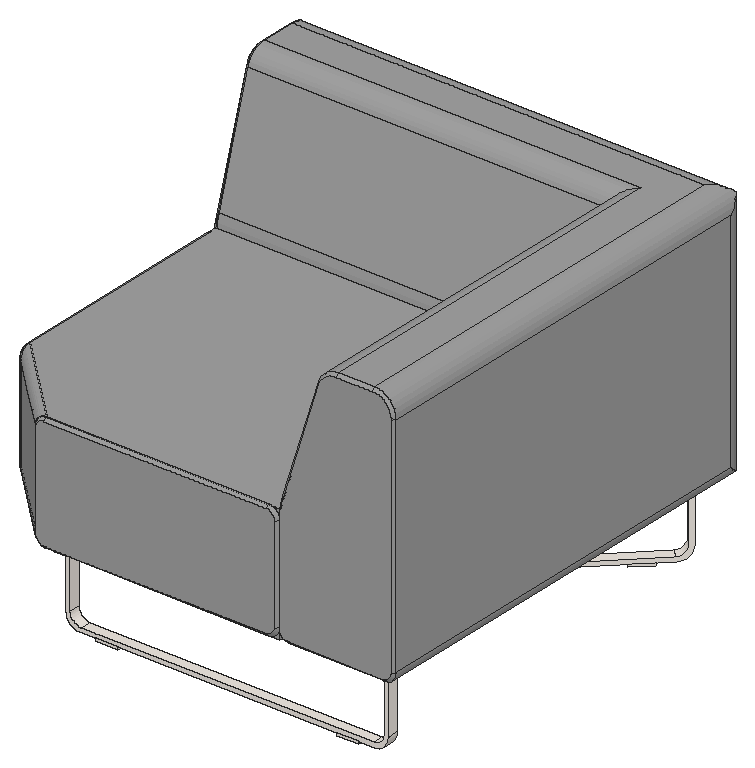
Revit family "Haworth_Riverbend_SquareCorner_AP_PRELIMINARY", category Furniture, Revit 2018 (continued)
Definition of nested family "Haworth_Riverbend_SquareCorner_Large_Seat-PART"
  Forms (mm)
    Blend 10, solid, material <- "Seat Upholstery Finish", visible <- "Mid Back"
      base sketch origin (-521.282, -572.949, 0) x (0, -1, 0) y (0, 0, 1)
        loop
          arc (-441.764, 209.55) -> (-436.184, 196.08) -> (-422.714, 190.5) r 19.05
          line (-422.714, 190.5) -> (93.67, 190.5)
          arc (93.67, 190.5) -> (107.14, 196.08) -> (112.72, 209.55) r 19.05
          line (112.72, 209.55) -> (112.72, 431.8)
          arc (112.72, 431.8) -> (107.14, 445.27) -> (93.67, 450.85) r 19.05
          line (93.67, 450.85) -> (-422.714, 450.85)
      top sketch origin (-521.282, -572.949, 0) x (0, -1, 0) y (0, 0, 1)
        loop
          arc (-422.714, 457.2) -> (-440.675, 449.761) -> (-448.114, 431.8) r 25.4
          line (-448.114, 431.8) -> (-448.114, 209.55)
          arc (-448.114, 209.55) -> (-440.675, 191.589) -> (-422.714, 184.15) r 25.4
          line (-422.714, 184.15) -> (93.67, 184.15)
          arc (93.67, 184.15) -> (111.63, 191.589) -> (119.07, 209.55) r 25.4
          line (119.07, 209.55) -> (119.07, 431.8)
          arc (119.07, 431.8) -> (111.63, 449.761) -> (93.67, 457.2) r 25.4
          line (93.67, 457.2) -> (-422.714, 457.2)
      from 0 to -6.35
    Blend 11, solid, material <- "Seat Upholstery Finish", visible <- "No Back"
      base sketch origin (-521.282, -243.905, 0) x (0, 1, 0) y (0, 0, -1)
        loop
          line (-422.714, -450.85) -> (364.686, -450.85)
          arc (364.686, -450.85) -> (378.156, -445.27) -> (383.736, -431.8) r 19.05
          line (383.736, -431.8) -> (383.736, -209.55)
          arc (383.736, -209.55) -> (378.156, -196.08) -> (364.686, -190.5) r 19.05
          line (364.686, -190.5) -> (-422.714, -190.5)
          arc (-422.714, -190.5) -> (-436.184, -196.08) -> (-441.764, -209.55) r 19.05
          line (-441.764, -209.55) -> (-441.764, -431.8)
          arc (-441.764, -431.8) -> (-436.184, -445.27) -> (-422.714, -450.85) r 19.05
      top sketch origin (-521.282, -243.905, 0) x (0, 1, 0) y (0, 0, -1)
        loop
          line (-422.714, -457.2) -> (364.686, -457.2)
          arc (364.686, -457.2) -> (382.646, -449.761) -> (390.086, -431.8) r 25.4
          line (390.086, -431.8) -> (390.086, -209.55)
          arc (390.086, -209.55) -> (382.646, -191.589) -> (364.686, -184.15) r 25.4
          line (364.686, -184.15) -> (-422.714, -184.15)
          arc (-422.714, -184.15) -> (-440.675, -191.589) -> (-448.114, -209.55) r 25.4
          line (-448.114, -209.55) -> (-448.114, -431.8)
          arc (-448.114, -431.8) -> (-440.675, -449.761) -> (-422.714, -457.2) r 25.4
      from 0 to -6.35
  Cuts and joins
    Extrusion 3, Extrusion 4, Extrusion 6, Extrusion 7, Extrusion 8 cuts Extrusion 5
    Extrusion 3 cuts Extrusion 9
  Lines and regions (mm)
    Masking region 1
      outline origin (0, 0, 457.2) x (-1, 0, 0) y (0, -1, 0)
        loop
          line (521.282, -146.181) -> (521.282, 685.669) -> (337.132, 869.819) -> (-494.718, 869.819) -> (-494.718, -146.181) -> (521.282, -146.181)
    symbolic lines, visible <- "Mid Back", detail levels medium+fine
      curve 1: line (-514.932, -124.835, 457.2) -> (223.702, -124.835, 457.2)
      curve 2: line (223.702, -124.835, 457.2) -> (223.702, -863.469, 457.2)
  Dimensions and locks
    plane 4 "Left" to plane 5 "Right" = 1427.861 mm
    locked: plane 8 "Top" to plane 9 "Top - Bottom of Chamfer Edge" at 6.35
    locked: plane 11 "Bottom - Top of Chamfer Edge" to plane 10 "Frame Bottom" at 6.35
    plane 8 "Top" to plane 10 "Frame Bottom" = 273.05 mm
    "Actual Height": plane 8 "Top" to plane 2 "Bottom"
    plane 8 "Top" to plane 2 "Bottom" = 457.2 mm
    "Width Straight Edge": plane 16 "Bench Frame - Outer Concave Tangent Edge No 1" to plane 15 "Bench Frame - Inner Concave Tangent Edge No 1"
    equal spacing: plane 16 "Bench Frame - Outer Concave Tangent Edge No 1", plane 18 "Bench Frame - Center Side No 1", plane 15 "Bench Frame - Inner Concave Tangent Edge No 1"
    plane 19 "Bench Frame - Center Side No 2" to plane 17 "Bench Frame - Outer Concave Tangent Edge No 2" = 419.1 mm
    plane 15 "Bench Frame - Inner Concave Tangent Edge No 1" to plane 20 "Bench Frame - Straight Edge No 2" = 177.8 mm
    plane 21 "Bench Frame - Straight Edge No 1" to plane 29 "Left - Top of Chamfer Edge" = 6.35 mm
    plane 30 "Right - Top of Chamfer Edge" to plane 20 "Bench Frame - Straight Edge No 2" = 6.35 mm
    plane 23 "Center Leg - Back of Leg Bracket" to plane 27 "Center Leg - Front of Leg Bracket" = 342.9 mm
    plane 67 to plane 68 = 76.2 mm
    equal spacing: plane 7 "Chair Front", plane 1 "Center F/B", plane 67
    plane 72 to plane 73 = 38.097 mm
    plane 21 "Bench Frame - Straight Edge No 1" to plane 17 "Bench Frame - Outer Concave Tangent Edge No 2" = 1016 mm
    plane 16 "Bench Frame - Outer Concave Tangent Edge No 1" to plane 20 "Bench Frame - Straight Edge No 2" = 1016 mm
    equal spacing: plane 10 "Frame Bottom", plane 74, plane 69
    "Depth": plane 70 to plane 17 "Bench Frame - Outer Concave Tangent Edge No 2"
    aligned and locked: Blend 1 to plane 20 "Bench Frame - Straight Edge No 2"
    aligned and locked: plane 30 "Right - Top of Chamfer Edge" to Blend 1
    aligned and locked: Extrusion 5 sketch curve to plane 29 "Left - Top of Chamfer Edge"
  Automatic sketch dimensions
    plane 3 "Center L/R" to curve 1 = 0 mm
    curve 2 to plane 30 "Right - Top of Chamfer Edge" = 0 mm
    curve 1 to plane 29 "Left - Top of Chamfer Edge" = 0 mm
    curve 2 to plane 65 = 51.961 mm
    Blend 1 sketch curve to plane 11 "Bottom - Top of Chamfer Edge" = 0 mm
    Blend 1 sketch curve to plane 9 "Top - Bottom of Chamfer Edge" = 0 mm
    Blend 1 sketch curve to plane 70 = 6.35 mm
    Blend 1 sketch curve to plane 26 "Right Leg - Front of Leg Bracket" = 19.447 mm  (x2)
    Blend 1 sketch curve to Blend 1 sketch curve = 19.05 mm
    plane 24 "Right Leg - Back of Leg Bracket" to Blend 1 sketch curve = 19.447 mm  (x4)
    Blend 1 sketch curve to plane 17 "Bench Frame - Outer Concave Tangent Edge No 2" = 6.35 mm
    plane 70 to Blend 1 sketch curve = 0 mm
    Blend 1 sketch curve to plane 10 "Frame Bottom" = 0 mm
    Blend 1 sketch curve to plane 8 "Top" = 0 mm
    Blend 1 sketch curve to plane 17 "Bench Frame - Outer Concave Tangent Edge No 2" = 0 mm
    Blend 1 sketch curve to plane 9 "Top - Bottom of Chamfer Edge" = 19.05 mm
    Blend 2 sketch curve to plane 9 "Top - Bottom of Chamfer Edge" = 0 mm
    Blend 2 sketch curve to plane 11 "Bottom - Top of Chamfer Edge" = 0 mm
    plane 11 "Bottom - Top of Chamfer Edge" to Blend 2 sketch curve = 19.05 mm  (x3)
    plane 53 to Blend 2 sketch curve = 111.794 mm
    Blend 2 sketch curve to plane 9 "Top - Bottom of Chamfer Edge" = 19.05 mm  (x2)
    Blend 2 sketch curve to plane 26 "Right Leg - Front of Leg Bracket" = 19.447 mm  (x2)
    Blend 2 sketch curve to plane 70 = 6.35 mm
    Blend 2 sketch curve to plane 10 "Frame Bottom" = 0 mm
    Blend 2 sketch curve to plane 8 "Top" = 0 mm
    plane 70 to Blend 2 sketch curve = 0 mm
    plane 19 "Bench Frame - Center Side No 2" to Blend 2 sketch curve = 122.684 mm  (x2)
    Extrusion 3 sketch curve to plane 7 "Chair Front" = 0 mm  (x2)
    Extrusion 3 sketch curve to plane 10 "Frame Bottom" = 0 mm
    Extrusion 3 sketch curve to plane 8 "Top" = 0 mm
    plane 7 "Chair Front" to Extrusion 3 sketch curve = 17.961 mm  (x2)
    plane 11 "Bottom - Top of Chamfer Edge" to Extrusion 3 sketch curve = 19.05 mm
    Extrusion 3 sketch curve to plane 9 "Top - Bottom of Chamfer Edge" = 19.05 mm
    Extrusion 4 sketch curve to plane 17 "Bench Frame - Outer Concave Tangent Edge No 2" = 0 mm
    Extrusion 4 sketch curve to plane 16 "Bench Frame - Outer Concave Tangent Edge No 1" = 0 mm
    plane 24 "Right Leg - Back of Leg Bracket" to Extrusion 4 sketch curve = 6.747 mm
    plane 3 "Center L/R" to Masking region 1 sketch curve = 0 mm
    Masking region 1 sketch curve to plane 16 "Bench Frame - Outer Concave Tangent Edge No 1" = 0 mm
    Masking region 1 sketch curve to plane 7 "Chair Front" = 0 mm  (x2)
    Masking region 1 sketch curve to plane 20 "Bench Frame - Straight Edge No 2" = 0 mm
    Masking region 1 sketch curve to plane 21 "Bench Frame - Straight Edge No 1" = 0 mm
    plane 3 "Center L/R" to Extrusion 5 sketch curve = 0 mm
    Extrusion 5 sketch curve to plane 16 "Bench Frame - Outer Concave Tangent Edge No 1" = 0 mm
    Extrusion 5 sketch curve to plane 7 "Chair Front" = 0 mm  (x2)
    Extrusion 5 sketch curve to plane 30 "Right - Top of Chamfer Edge" = 0 mm
    Extrusion 6 sketch curve to plane 8 "Top" = 0 mm
    Extrusion 6 sketch curve to plane 71 = 0 mm
    Extrusion 6 sketch curve to plane 16 "Bench Frame - Outer Concave Tangent Edge No 1" = 0 mm
    Extrusion 7 sketch curve to plane 8 "Top" = 0 mm
    Extrusion 7 sketch curve to plane 17 "Bench Frame - Outer Concave Tangent Edge No 2" = 0 mm
    plane 24 "Right Leg - Back of Leg Bracket" to Extrusion 7 sketch curve = 19.447 mm
    Extrusion 8 sketch curve to plane 17 "Bench Frame - Outer Concave Tangent Edge No 2" = 0 mm
    Extrusion 8 sketch curve to plane 10 "Frame Bottom" = 0 mm
    plane 24 "Right Leg - Back of Leg Bracket" to Extrusion 8 sketch curve = 19.447 mm
    plane 3 "Center L/R" to Extrusion 9 sketch curve = 0 mm
    Extrusion 9 sketch curve to plane 30 "Right - Top of Chamfer Edge" = 0 mm
    Extrusion 9 sketch curve to plane 7 "Chair Front" = 0 mm  (x2)
    Extrusion 9 sketch curve to plane 15 "Bench Frame - Inner Concave Tangent Edge No 1" = 0 mm
    plane 53 to Extrusion 9 sketch curve = 105.444 mm
    Blend 10 sketch curve to plane 9 "Top - Bottom of Chamfer Edge" = 0 mm
    Blend 10 sketch curve to plane 11 "Bottom - Top of Chamfer Edge" = 0 mm
    plane 11 "Bottom - Top of Chamfer Edge" to Blend 10 sketch curve = 19.05 mm  (x3)
    Blend 10 sketch curve to plane 65 = 58.311 mm
    Blend 10 sketch curve to Blend 10 sketch curve = 19.05 mm
    Blend 10 sketch curve to plane 25 "Left Leg - Front of Leg Bracket" = 19.45 mm  (x2)
    plane 15 "Bench Frame - Inner Concave Tangent Edge No 1" to Blend 10 sketch curve = 6.35 mm
    Blend 10 sketch curve to plane 10 "Frame Bottom" = 0 mm
    Blend 10 sketch curve to plane 8 "Top" = 0 mm
    Blend 10 sketch curve to plane 15 "Bench Frame - Inner Concave Tangent Edge No 1" = 0 mm
    Blend 10 sketch curve to plane 9 "Top - Bottom of Chamfer Edge" = 19.05 mm
    Blend 10 sketch curve to plane 65 = 77.361 mm  (x2)
    Blend 11 sketch curve to plane 11 "Bottom - Top of Chamfer Edge" = 0 mm
    Blend 11 sketch curve to plane 9 "Top - Bottom of Chamfer Edge" = 0 mm
    Blend 11 sketch curve to plane 71 = 0 mm  (x4)
    Blend 11 sketch curve to plane 25 "Left Leg - Front of Leg Bracket" = 19.45 mm  (x3)
    plane 15 "Bench Frame - Inner Concave Tangent Edge No 1" to Blend 11 sketch curve = 6.35 mm
    Blend 11 sketch curve to plane 16 "Bench Frame - Outer Concave Tangent Edge No 1" = 6.35 mm
    Blend 11 sketch curve to plane 15 "Bench Frame - Inner Concave Tangent Edge No 1" = 0 mm
    Blend 11 sketch curve to plane 10 "Frame Bottom" = 0 mm
    Blend 11 sketch curve to plane 8 "Top" = 0 mm
    Blend 11 sketch curve to plane 16 "Bench Frame - Outer Concave Tangent Edge No 1" = 0 mm
    Blend 11 sketch curve to plane 9 "Top - Bottom of Chamfer Edge" = 19.05 mm
Definition of nested family "Haworth_Riverbend_SquareCorner_Small_Seat-PART"
  Parameters (values of type "Small Seat - PART")
    Width Straight Edge = 838.2 mm  # constant formula
    Warranty = "http://www.haworth.com/resources/product-info/warranties"
    URL - Product = "http://www.haworth.com/products/seating/sofas/riverbend-pebble"
    Seat Upholstery Finish [instance] = none
    No Back = no
    Mid Back = yes
    Model = "Haworth - Riverbend"  # constant formula
    Description = "Haworth - Riverbend - Square Corner - Small Seat - PART"  # constant formula
    URL = "http://www.haworth.com"
    Size = "Verify Final Dim. w/ Haworth"  # constant formula
    Revision Number = "1"  # constant formula
    Manufacturer = "Haworth"  # constant formula
    Depth = 838.2 mm  # constant formula
    Author = "Haworth (Bentzen, Abd Rahman)"  # constant formula
    Assembly Code = "E2020200"
    Actual Width = 1422.4 mm  # constant formula
    Actual Height = 457.2 mm  # constant formula
    Actual Depth = 838.2 mm  # constant formula
  Reference planes
    plane 1 "Center F/B": through (-78.491, -215.695, 0) normal (-0.7071, -0.7071, 0)
    plane 2 "Bottom": z = 0
    plane 3 "Center L/R": through (55.102, -293.435, 0) normal (0.7071, -0.7071, 0)
    plane 4 "Left": through (-1165.05, -503.938, 1219.2) normal (-0.7071, 0.7071, 0)
    plane 5 "Right": through (1244.391, -113.797, 1219.2) normal (0.7071, -0.7071, 0)
    plane 6 "Frame Back": through (-736.346, 786.631, 1219.2) normal (0.7071, 0.7071, 0)
    plane 7 "Chair Front": through (-1384.552, 177.6, 1219.2) normal (0.7071, 0.7071, 0)
    plane 8 "Top": z = 457.2
    plane 9 "Top - Bottom of Chamfer Edge": z = 450.85
    plane 10 "Frame Bottom": z = 184.15
    plane 11 "Bottom - Top of Chamfer Edge": z = 190.5
    plane 12 "Leg Bracket - Bottom": z = 177.8
    plane 13 "Leg Bottom - Top of Bottom": z = 15.875
    plane 14 "Foot - Top of Foot": z = 6.35
    plane 15 "Bench Frame - Inner Concave Tangent Edge No 1": y = -692.019
    plane 16 "Bench Frame - Outer Concave Tangent Edge No 1": y = 146.181
    plane 17 "Bench Frame - Outer Concave Tangent Edge No 2": x = 494.718
    plane 18 "Bench Frame - Center Side No 1": y = -272.919
    plane 19 "Bench Frame - Center Side No 2": x = 75.618
    plane 20 "Bench Frame - Straight Edge No 2": y = -869.819
    plane 21 "Bench Frame - Straight Edge No 1": x = -521.282
    plane 22 "Left Leg - Back of Leg Bracket": y = 101.334
    plane 23 "Center Leg - Back of Leg Bracket": through (-1134.489, 1645.306, 1219.2) normal (0.7071, 0.7071, 0)
    plane 24 "Right Leg - Back of Leg Bracket": x = 449.871
    plane 25 "Left Leg - Front of Leg Bracket": y = -647.169
    plane 26 "Right Leg - Front of Leg Bracket": x = -298.635
    plane 27 "Center Leg - Front of Leg Bracket": through (177.923, -152.04, 1219.2) normal (0.7071, 0.7071, 0)
    plane 28: through (-1705.143, 496.713, 1219.2) normal (-0.7071, 0.7071, 0)
    plane 29 "Left - Top of Chamfer Edge": x = -514.932
    plane 30 "Right - Top of Chamfer Edge": y = -863.469
    plane 31 "Leg Left - Left of Leg Bracket": x = -481.694
    plane 32 "Right Left - Right of Leg Bracket": y = -830.231
    plane 33: through (390.172, 107.175, 1219.2) normal (0.7071, 0.7071, 0)
    plane 34: y = 41.009
    plane 35: y = 31.409
    plane 36: y = -19.391
    plane 37: y = 91.809
    plane 38: y = -526.441
    plane 39: y = -577.241
    plane 40: y = -586.841
    plane 41: y = -637.641
    plane 42: through (184.965, -145.612, 1219.2) normal (-0.7071, -0.7071, 0)
    plane 43: through (220.886, -109.691, 1219.2) normal (-0.7071, -0.7071, 0)
    plane 44: through (227.674, -102.902, 1219.2) normal (-0.7071, -0.7071, 0)
    plane 45: through (263.595, -66.981, 1219.2) normal (-0.7071, -0.7071, 0)
    plane 46: through (335.331, 4.755, 1219.2) normal (-0.7071, -0.7071, 0)
    plane 47: through (371.252, 40.676, 1219.2) normal (-0.7071, -0.7071, 0)
    plane 48: through (378.041, 47.464, 1219.2) normal (-0.7071, -0.7071, 0)
    plane 49: x = -289.104
    plane 50: x = -238.304
    plane 51: x = -228.704
    plane 52: x = -177.904
    plane 53: x = 329.146
    plane 54: x = 379.946
    plane 55: x = 389.546
    plane 56: x = 440.346
    plane 57: x = -456.294
    plane 58: y = -804.831
    plane 59: through (157.98, -172.597, 1219.2) normal (-0.7071, 0.7071, 0)
    plane 60: through (438.657, 72.16, 1219.2) normal (-0.7071, 0.7071, 0)
    plane 61: x = -421.369
    plane 62: through (0.825, -415.064, 1219.2) normal (0.7071, -0.7071, 0)
    plane 63: y = -769.906
    plane 64: y = 146.181
    plane 65: y = -72.874
    plane 66: y = 146.181
    plane 67: through (483.559, 135.021, 1219.2) normal (-0.7071, -0.7071, 0)
    plane 68: through (345.662, 165.155, 1219.2) normal (0.7071, 0.7071, 0)
    plane 69: z = 457.2
    plane 70: x = -343.482
    plane 71: y = 120.781
    plane 72: x = -2882.933
    plane 73: x = -2844.836
    plane 74: z = 320.675
  Forms (mm)
    Extrusion 1, void
      sketch origin (0, 0, 457.2) x (-1, 0, 0) y (0, -1, 0)
        loop
          line (-494.718, -108.081) -> (-494.718, -146.181) -> (-456.618, -146.181)
          arc (-456.618, -146.181) -> (-483.559, -135.021) -> (-494.718, -108.081) r 38.1
      from -304.934 to 341.183
    Extrusion 2, solid, material <- "Seat Upholstery Finish", visible <- "No Back"
      sketch origin (-50.8, 510.034, 457.2) x (-1, 0, 0) y (0, -1, 0)
        loop
          line (464.132, 1124.338) -> (214.967, 1373.503) -> (-545.518, 1373.503) -> (-545.518, 363.853) -> (464.132, 363.853) -> (464.132, 1124.338)
      from -273.05 to 0
    Extrusion 3, void
      sketch origin (-521.282, -457.2, 0) x (0, 1, 0) y (0, 0, 1)
        loop
          line (603.381, 431.8) -> (603.381, 457.2) -> (577.981, 457.2)
          arc (577.981, 457.2) -> (595.941, 449.761) -> (603.381, 431.8) r 25.4
      from 0 to 1054.663
    Extrusion 4, void
      sketch origin (-609.6, -863.469, 0) x (-1, 0, 0) y (0, 0, 1)
        loop
          line (-1078.918, 457.2) -> (-1104.318, 457.2) -> (-1104.318, 431.8)
          arc (-1104.318, 431.8) -> (-1096.878, 449.761) -> (-1078.918, 457.2) r 25.4
      from 0 to 1064.613
    Extrusion 5, void
      sketch origin (-1479.004, -863.469, 0) x (-1, 0, 0) y (0, 0, 1)
        loop
          line (-1677.306, 457.2) -> (-1702.706, 457.2) -> (-1702.706, 431.8)
          arc (-1702.706, 431.8) -> (-1695.267, 449.761) -> (-1677.306, 457.2) r 25.4
      from 0 to 738.634
    Extrusion 6, void
      sketch origin (-521.282, -1192.17, 0) x (0, 1, 0) y (0, 0, 1)
        loop
          line (1067.335, 431.8) -> (1067.335, 457.2) -> (1041.935, 457.2)
          arc (1041.935, 457.2) -> (1059.895, 449.761) -> (1067.335, 431.8) r 25.4
      from 0 to 744.984
    Extrusion 7, void
      sketch origin (-521.282, -1077.93, 0) x (0, 1, 0) y (0, 0, 1)
        loop
          line (927.695, 184.15) -> (953.095, 184.15) -> (953.095, 209.55)
          arc (953.095, 209.55) -> (945.656, 191.589) -> (927.695, 184.15) r 25.4
      from 0 to 744.984
    Extrusion 8, void
      sketch origin (-1371.6, -863.469, 0) x (-1, 0, 0) y (0, 0, 1)
        loop
          line (-1866.318, 209.55) -> (-1866.318, 184.15) -> (-1840.918, 184.15)
          arc (-1840.918, 184.15) -> (-1858.878, 191.589) -> (-1866.318, 209.55) r 25.4
      from 0 to 1009.65
    Extrusion 9, void
      sketch origin (-1148.804, -863.469, 0) x (-1, 0, 0) y (0, 0, 1)
        loop
          line (-1372.506, 209.55) -> (-1372.506, 184.15) -> (-1347.106, 184.15)
          arc (-1347.106, 184.15) -> (-1365.067, 191.589) -> (-1372.506, 209.55) r 25.4
      from 0 to 738.634
    Extrusion 10, solid, material <- "Seat Upholstery Finish", visible <- "Mid Back"
      sketch origin (0, 0, 457.2) x (-1, 0, 0) y (0, -1, 0)
        loop
          line (514.932, 124.835) -> (514.932, 614.304) -> (265.767, 863.469) -> (-223.702, 863.469) -> (-223.702, 124.835) -> (514.932, 124.835)
      from -273.05 to 0
    Extrusion 11, void
      sketch origin (212.242, -136.295, 0) x (0.707107, 0.707107, 0) y (0, 0, 1)
        loop
          spline (-853.444, 431.8) -> (-853.29, 435.115) -> (-852.832, 438.374) -> (-852.076, 441.52) -> (-851.037, 444.5) -> (-849.732, 447.263) -> (-848.183, 449.761) -> (-846.417, 451.951) -> (-844.463, 453.797) -> (-842.356, 455.267) -> (-840.132, 456.335) -> (-837.827, 456.983) -> (-835.483, 457.2)
          line (-835.483, 457.2) -> (-853.444, 457.2) -> (-853.444, 431.8)
        loop
          spline (-835.483, 184.15) -> (-837.827, 184.367) -> (-840.132, 185.015) -> (-842.356, 186.083) -> (-844.463, 187.553) -> (-846.417, 189.399) -> (-848.183, 191.589) -> (-849.732, 194.087) -> (-851.037, 196.85) -> (-852.076, 199.83) -> (-852.832, 202.976) -> (-853.29, 206.235) -> (-853.444, 209.55)
          line (-853.444, 209.55) -> (-853.444, 184.15) -> (-835.483, 184.15)
      from -196.373 to 208.243
    Blend 12, solid, material <- "Seat Upholstery Finish", visible <- "Mid Back"
      base sketch origin (-224.412, -869.819, 0) x (-1, 0, 0) y (0, 0, -1)
        loop
          line (-422.714, -450.85) -> (15.436, -450.85)
          arc (15.436, -450.85) -> (28.906, -445.27) -> (34.486, -431.8) r 19.05
          line (34.486, -431.8) -> (34.486, -209.55)
          arc (34.486, -209.55) -> (28.906, -196.08) -> (15.436, -190.5) r 19.05
          line (15.436, -190.5) -> (-422.714, -190.5)
          arc (-422.714, -190.5) -> (-436.184, -196.08) -> (-441.764, -209.55) r 19.05
          line (-441.764, -209.55) -> (-441.764, -431.8)
          arc (-441.764, -431.8) -> (-436.184, -445.27) -> (-422.714, -450.85) r 19.05
      top sketch origin (-224.412, -869.819, 0) x (-1, 0, 0) y (0, 0, -1)
        loop
          line (-422.714, -457.2) -> (16.486, -457.2)
          arc (16.486, -457.2) -> (34.446, -449.761) -> (41.886, -431.8) r 25.4
          line (41.886, -431.8) -> (41.886, -209.55)
          arc (41.886, -209.55) -> (34.446, -191.589) -> (16.486, -184.15) r 25.4
          line (16.486, -184.15) -> (-422.714, -184.15)
          arc (-422.714, -184.15) -> (-440.675, -191.589) -> (-448.114, -209.55) r 25.4
          line (-448.114, -209.55) -> (-448.114, -431.8)
          arc (-448.114, -431.8) -> (-440.675, -449.761) -> (-422.714, -457.2) r 25.4
      from 0 to -6.35
    Blend 13, solid, material <- "Seat Upholstery Finish", visible <- "Mid Back"
      base sketch origin (-521.282, -572.949, 0) x (0, -1, 0) y (0, 0, 1)
        loop
          arc (-422.714, 450.85) -> (-436.184, 445.27) -> (-441.764, 431.8) r 19.05
          line (-441.764, 431.8) -> (-441.764, 209.55)
          arc (-441.764, 209.55) -> (-436.184, 196.08) -> (-422.714, 190.5) r 19.05
          line (-422.714, 190.5) -> (15.436, 190.5)
          arc (15.436, 190.5) -> (28.906, 196.08) -> (34.486, 209.55) r 19.05
          line (34.486, 209.55) -> (34.486, 431.8)
          arc (34.486, 431.8) -> (28.906, 445.27) -> (15.436, 450.85) r 19.05
          line (15.436, 450.85) -> (-422.714, 450.85)
      top sketch origin (-521.282, -572.949, 0) x (0, -1, 0) y (0, 0, 1)
        loop
          arc (-422.714, 457.2) -> (-440.675, 449.761) -> (-448.114, 431.8) r 25.4
          line (-448.114, 431.8) -> (-448.114, 209.55)
          arc (-448.114, 209.55) -> (-440.675, 191.589) -> (-422.714, 184.15) r 25.4
          line (-422.714, 184.15) -> (16.486, 184.15)
          arc (16.486, 184.15) -> (34.446, 191.589) -> (41.886, 209.55) r 25.4
          line (41.886, 209.55) -> (41.886, 431.8)
          arc (41.886, 431.8) -> (34.446, 449.761) -> (16.486, 457.2) r 25.4
          line (16.486, 457.2) -> (-422.714, 457.2)
      from 0 to -6.35
    Blend 14, solid, material <- "Seat Upholstery Finish", visible <- "No Back"
      base sketch origin (-224.412, -869.819, 0) x (-1, 0, 0) y (0, 0, -1)
        loop
          line (-695.08, -450.85) -> (15.436, -450.85)
          arc (15.436, -450.85) -> (28.906, -445.27) -> (34.486, -431.8) r 19.05
          line (34.486, -431.8) -> (34.486, -209.55)
          arc (34.486, -209.55) -> (28.906, -196.08) -> (15.436, -190.5) r 19.05
          line (15.436, -190.5) -> (-695.08, -190.5)
          arc (-695.08, -190.5) -> (-708.55, -196.08) -> (-714.13, -209.55) r 19.05
          line (-714.13, -209.55) -> (-714.13, -431.8)
          arc (-714.13, -431.8) -> (-708.55, -445.27) -> (-695.08, -450.85) r 19.05
      top sketch origin (-224.412, -869.819, 0) x (-1, 0, 0) y (0, 0, -1)
        loop
          line (-693.73, -457.2) -> (16.486, -457.2)
          arc (16.486, -457.2) -> (34.446, -449.761) -> (41.886, -431.8) r 25.4
          line (41.886, -431.8) -> (41.886, -209.55)
          arc (41.886, -209.55) -> (34.446, -191.589) -> (16.486, -184.15) r 25.4
          line (16.486, -184.15) -> (-693.73, -184.15)
          arc (-693.73, -184.15) -> (-711.691, -191.589) -> (-719.13, -209.55) r 25.4
          line (-719.13, -209.55) -> (-719.13, -431.8)
          arc (-719.13, -431.8) -> (-711.691, -449.761) -> (-693.73, -457.2) r 25.4
      from 0 to -6.35
    Blend 15, solid, material <- "Seat Upholstery Finish", visible <- "No Back"
      base sketch origin (-521.282, -572.949, 0) x (0, -1, 0) y (0, 0, 1)
        loop
          arc (-695.08, 450.85) -> (-708.55, 445.27) -> (-714.13, 431.8) r 19.05
          line (-714.13, 431.8) -> (-714.13, 209.55)
          arc (-714.13, 209.55) -> (-708.55, 196.08) -> (-695.08, 190.5) r 19.05
          line (-695.08, 190.5) -> (15.436, 190.5)
          arc (15.436, 190.5) -> (28.906, 196.08) -> (34.486, 209.55) r 19.05
          line (34.486, 209.55) -> (34.486, 431.8)
          arc (34.486, 431.8) -> (28.906, 445.27) -> (15.436, 450.85) r 19.05
          line (15.436, 450.85) -> (-695.08, 450.85)
      top sketch origin (-521.282, -572.949, 0) x (0, -1, 0) y (0, 0, 1)
        loop
          arc (-693.73, 457.2) -> (-711.691, 449.761) -> (-719.13, 431.8) r 25.4
          line (-719.13, 431.8) -> (-719.13, 209.55)
          arc (-719.13, 209.55) -> (-711.691, 191.589) -> (-693.73, 184.15) r 25.4
          line (-693.73, 184.15) -> (16.486, 184.15)
          arc (16.486, 184.15) -> (34.446, 191.589) -> (41.886, 209.55) r 25.4
          line (41.886, 209.55) -> (41.886, 431.8)
          arc (41.886, 431.8) -> (34.446, 449.761) -> (16.486, 457.2) r 25.4
          line (16.486, 457.2) -> (-693.73, 457.2)
      from 0 to -6.35
  Cuts and joins
    Extrusion 1, Extrusion 3, Extrusion 4, Extrusion 8, Extrusion 11 cuts Extrusion 2
    Extrusion 5, Extrusion 6, Extrusion 7, Extrusion 9, Extrusion 11 cuts Extrusion 10
  Lines and regions (mm)
    Masking region 1
      outline origin (0, 0, 457.2) x (-1, 0, 0) y (0, -1, 0)
        loop
          line (521.282, -146.181) -> (521.282, 607.954) -> (259.417, 869.819) -> (-494.718, 869.819) -> (-494.718, -146.181) -> (521.282, -146.181)
    symbolic lines, visible <- "Mid Back", detail levels medium+fine
      curve 1: line (-521.282, -124.835, 457.2) -> (223.702, -124.835, 457.2)
      curve 2: line (223.702, -124.835, 457.2) -> (223.702, -869.819, 457.2)
  Dimensions and locks
    plane 4 "Left" to plane 5 "Right" = 1427.861 mm
    locked: plane 8 "Top" to plane 9 "Top - Bottom of Chamfer Edge" at 6.35
    locked: plane 11 "Bottom - Top of Chamfer Edge" to plane 10 "Frame Bottom" at 6.35
    plane 8 "Top" to plane 10 "Frame Bottom" = 273.05 mm
    "Actual Height": plane 8 "Top" to plane 2 "Bottom"
    plane 8 "Top" to plane 2 "Bottom" = 457.2 mm
    "Width Straight Edge": plane 16 "Bench Frame - Outer Concave Tangent Edge No 1" to plane 15 "Bench Frame - Inner Concave Tangent Edge No 1"
    equal spacing: plane 16 "Bench Frame - Outer Concave Tangent Edge No 1", plane 18 "Bench Frame - Center Side No 1", plane 15 "Bench Frame - Inner Concave Tangent Edge No 1"
    plane 19 "Bench Frame - Center Side No 2" to plane 17 "Bench Frame - Outer Concave Tangent Edge No 2" = 419.1 mm
    plane 15 "Bench Frame - Inner Concave Tangent Edge No 1" to plane 20 "Bench Frame - Straight Edge No 2" = 177.8 mm
    plane 21 "Bench Frame - Straight Edge No 1" to plane 29 "Left - Top of Chamfer Edge" = 6.35 mm
    plane 30 "Right - Top of Chamfer Edge" to plane 20 "Bench Frame - Straight Edge No 2" = 6.35 mm
    plane 23 "Center Leg - Back of Leg Bracket" to plane 27 "Center Leg - Front of Leg Bracket" = 342.9 mm
    plane 67 to plane 68 = 76.2 mm
    equal spacing: plane 7 "Chair Front", plane 1 "Center F/B", plane 67
    plane 72 to plane 73 = 38.097 mm
    plane 21 "Bench Frame - Straight Edge No 1" to plane 17 "Bench Frame - Outer Concave Tangent Edge No 2" = 1016 mm
    plane 16 "Bench Frame - Outer Concave Tangent Edge No 1" to plane 20 "Bench Frame - Straight Edge No 2" = 1016 mm
    equal spacing: plane 10 "Frame Bottom", plane 74, plane 69
    "Depth": plane 70 to plane 17 "Bench Frame - Outer Concave Tangent Edge No 2"
    aligned and locked: Extrusion 2 sketch curve to plane 29 "Left - Top of Chamfer Edge"
  Automatic sketch dimensions
    plane 3 "Center L/R" to curve 1 = 0 mm
    curve 2 to plane 20 "Bench Frame - Straight Edge No 2" = 0 mm
    curve 1 to plane 21 "Bench Frame - Straight Edge No 1" = 0 mm
    curve 2 to plane 65 = 51.961 mm
    Extrusion 1 sketch curve to plane 17 "Bench Frame - Outer Concave Tangent Edge No 2" = 0 mm
    Extrusion 1 sketch curve to plane 16 "Bench Frame - Outer Concave Tangent Edge No 1" = 0 mm
    plane 24 "Right Leg - Back of Leg Bracket" to Extrusion 1 sketch curve = 6.747 mm
    plane 3 "Center L/R" to Masking region 1 sketch curve = 0 mm
    Masking region 1 sketch curve to plane 16 "Bench Frame - Outer Concave Tangent Edge No 1" = 0 mm
    Masking region 1 sketch curve to plane 20 "Bench Frame - Straight Edge No 2" = 0 mm
    Masking region 1 sketch curve to plane 21 "Bench Frame - Straight Edge No 1" = 0 mm
    plane 50 to Masking region 1 sketch curve = 21.113 mm
    plane 40 to Masking region 1 sketch curve = 21.113 mm
    plane 3 "Center L/R" to Extrusion 2 sketch curve = 0 mm
    Extrusion 2 sketch curve to plane 16 "Bench Frame - Outer Concave Tangent Edge No 1" = 0 mm
    Extrusion 2 sketch curve to plane 30 "Right - Top of Chamfer Edge" = 0 mm
    Extrusion 2 sketch curve to plane 49 = 23.337 mm
    plane 40 to Extrusion 2 sketch curve = 27.463 mm
    Extrusion 3 sketch curve to plane 8 "Top" = 0 mm
    Extrusion 3 sketch curve to plane 71 = 0 mm
    Extrusion 3 sketch curve to plane 16 "Bench Frame - Outer Concave Tangent Edge No 1" = 0 mm
    Extrusion 4 sketch curve to plane 8 "Top" = 0 mm
    Extrusion 4 sketch curve to plane 17 "Bench Frame - Outer Concave Tangent Edge No 2" = 0 mm
    plane 24 "Right Leg - Back of Leg Bracket" to Extrusion 4 sketch curve = 19.447 mm
    Extrusion 5 sketch curve to plane 8 "Top" = 0 mm
    Extrusion 5 sketch curve to plane 9 "Top - Bottom of Chamfer Edge" = 19.05 mm
    plane 53 to Extrusion 5 sketch curve = 105.444 mm
    Extrusion 6 sketch curve to plane 8 "Top" = 0 mm
    Extrusion 6 sketch curve to plane 65 = 77.361 mm
    Extrusion 6 sketch curve to Extrusion 6 sketch curve = 25.4 mm
    Extrusion 7 sketch curve to plane 10 "Frame Bottom" = 0 mm
    Extrusion 7 sketch curve to plane 65 = 77.361 mm
    Extrusion 7 sketch curve to Extrusion 7 sketch curve = 25.4 mm
    Extrusion 8 sketch curve to plane 17 "Bench Frame - Outer Concave Tangent Edge No 2" = 0 mm
    Extrusion 8 sketch curve to plane 10 "Frame Bottom" = 0 mm
    plane 24 "Right Leg - Back of Leg Bracket" to Extrusion 8 sketch curve = 19.447 mm
    Extrusion 9 sketch curve to plane 10 "Frame Bottom" = 0 mm
    plane 53 to Extrusion 9 sketch curve = 105.444 mm
    Extrusion 9 sketch curve to Extrusion 9 sketch curve = 25.4 mm
    plane 3 "Center L/R" to Extrusion 10 sketch curve = 0 mm
    Extrusion 10 sketch curve to plane 30 "Right - Top of Chamfer Edge" = 0 mm
    Extrusion 10 sketch curve to plane 29 "Left - Top of Chamfer Edge" = 0 mm
    Extrusion 10 sketch curve to plane 49 = 23.337 mm
    plane 53 to Extrusion 10 sketch curve = 105.444 mm
    Extrusion 10 sketch curve to plane 41 = 23.337 mm
    Extrusion 11 sketch curve to plane 10 "Frame Bottom" = 0 mm
    Extrusion 11 sketch curve to plane 8 "Top" = 0 mm
    plane 7 "Chair Front" to Extrusion 11 sketch curve = 53.703 mm  (x2)
    Extrusion 11 sketch curve to Extrusion 11 sketch curve = 17.961 mm  (x2)
    plane 11 "Bottom - Top of Chamfer Edge" to Extrusion 11 sketch curve = 19.05 mm
    Extrusion 11 sketch curve to plane 9 "Top - Bottom of Chamfer Edge" = 19.05 mm
    Blend 12 sketch curve to plane 9 "Top - Bottom of Chamfer Edge" = 0 mm
    Blend 12 sketch curve to plane 11 "Bottom - Top of Chamfer Edge" = 0 mm
    plane 11 "Bottom - Top of Chamfer Edge" to Blend 12 sketch curve = 19.05 mm  (x2)
    plane 53 to Blend 12 sketch curve = 111.794 mm
    Blend 12 sketch curve to plane 9 "Top - Bottom of Chamfer Edge" = 19.05 mm  (x3)
    plane 50 to Blend 12 sketch curve = 1.544 mm  (x2)
    Blend 12 sketch curve to Blend 12 sketch curve = 19.05 mm
    Blend 12 sketch curve to plane 10 "Frame Bottom" = 0 mm
    Blend 12 sketch curve to plane 8 "Top" = 0 mm
    plane 53 to Blend 12 sketch curve = 105.444 mm
    plane 50 to Blend 12 sketch curve = 2.594 mm  (x2)
    Blend 13 sketch curve to plane 9 "Top - Bottom of Chamfer Edge" = 0 mm
    Blend 13 sketch curve to plane 11 "Bottom - Top of Chamfer Edge" = 0 mm
    plane 11 "Bottom - Top of Chamfer Edge" to Blend 13 sketch curve = 19.05 mm  (x2)
    Blend 13 sketch curve to plane 65 = 58.311 mm
    Blend 13 sketch curve to Blend 13 sketch curve = 19.05 mm  (x2)
    plane 40 to Blend 13 sketch curve = 1.544 mm  (x2)
    Blend 13 sketch curve to plane 10 "Frame Bottom" = 0 mm
    Blend 13 sketch curve to plane 8 "Top" = 0 mm
    Blend 13 sketch curve to plane 65 = 51.961 mm
    Blend 13 sketch curve to plane 9 "Top - Bottom of Chamfer Edge" = 19.05 mm  (x2)
    plane 40 to Blend 13 sketch curve = 2.594 mm  (x2)
    Blend 14 sketch curve to plane 9 "Top - Bottom of Chamfer Edge" = 0 mm
    Blend 14 sketch curve to plane 11 "Bottom - Top of Chamfer Edge" = 0 mm
    Blend 14 sketch curve to plane 17 "Bench Frame - Outer Concave Tangent Edge No 2" = 5 mm
    plane 24 "Right Leg - Back of Leg Bracket" to Blend 14 sketch curve = 20.797 mm
    Blend 14 sketch curve to plane 9 "Top - Bottom of Chamfer Edge" = 19.05 mm  (x3)
    plane 50 to Blend 14 sketch curve = 1.544 mm  (x2)
    Blend 14 sketch curve to Blend 14 sketch curve = 19.05 mm
    Blend 14 sketch curve to plane 17 "Bench Frame - Outer Concave Tangent Edge No 2" = 0 mm
    Blend 14 sketch curve to plane 10 "Frame Bottom" = 0 mm
    Blend 14 sketch curve to plane 8 "Top" = 0 mm
    plane 24 "Right Leg - Back of Leg Bracket" to Blend 14 sketch curve = 19.447 mm
    plane 50 to Blend 14 sketch curve = 2.594 mm  (x2)
    Blend 15 sketch curve to plane 9 "Top - Bottom of Chamfer Edge" = 0 mm
    Blend 15 sketch curve to plane 11 "Bottom - Top of Chamfer Edge" = 0 mm
    Blend 15 sketch curve to plane 16 "Bench Frame - Outer Concave Tangent Edge No 1" = 5 mm
    plane 71 to Blend 15 sketch curve = 1.35 mm  (x2)
    plane 40 to Blend 15 sketch curve = 1.544 mm  (x2)
    Blend 15 sketch curve to Blend 15 sketch curve = 19.05 mm
    Blend 15 sketch curve to plane 16 "Bench Frame - Outer Concave Tangent Edge No 1" = 0 mm
    Blend 15 sketch curve to plane 10 "Frame Bottom" = 0 mm
    Blend 15 sketch curve to plane 71 = 0 mm  (x2)
    Blend 15 sketch curve to plane 8 "Top" = 0 mm
    plane 40 to Blend 15 sketch curve = 2.594 mm  (x2)
    Blend 15 sketch curve to plane 9 "Top - Bottom of Chamfer Edge" = 19.05 mm
Types (8, lengths in mm): name | Small | No Back | Mid Back | Low | Large | High | Actual Height
  1010w x 520d x 450h - Mid Back | no | no | yes | no | yes | yes | 450
  1010w x 520d x 390h - Mid Back | yes | no | yes | yes | no | no | 390
  1010w x 520d x 450h - No Back | yes | yes | no | no | no | yes | 450
  1010w x 520d x 390h - No Back | yes | yes | no | yes | no | no | 390
  1010w x 575d x 450h - Mid Back | no | no | yes | no | yes | yes | 450
  1010w x 575d x 450h - No Back | no | yes | no | no | yes | yes | 450
  1010w x 575d x 390h - Mid Back | no | no | yes | yes | yes | no | 390
  1010w x 575d x 390h - No Back | no | yes | no | yes | yes | no | 390
